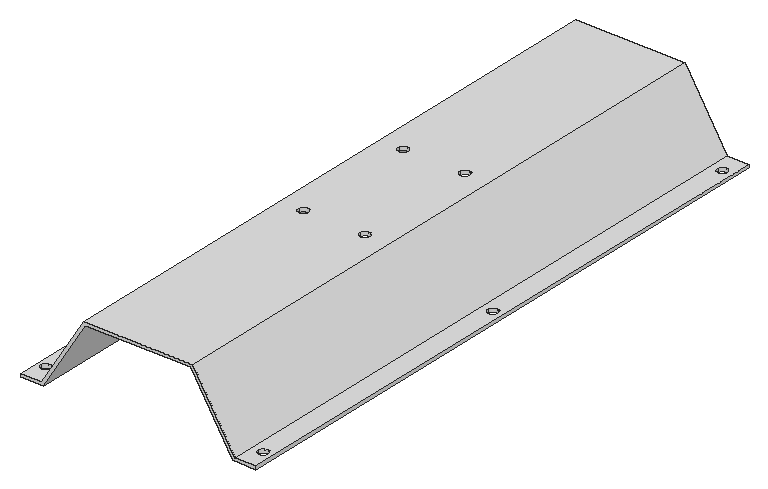
Revit family
Parameters (values of type "383307")
  URL = "www.galvinengineering.com.au"
  Type Comments = "383307"
  StyleOrType_ANZRS = "Fire Hose Reel Accessory"
  ModifiedIssue_ANZRS = 20120808.01  # constant formula
  Model = "383307"
  Manufacturer = "Galvin Engineering"
  Keynote = "10520"
  Instructions = "http://www.galvinengineering.com.au/Installation_Guides_1.aspx"
  FilterObject_ANZRS = "383307"
  DimWidth = 230.0 mm  # constant formula
  DimHeight = 70.0 mm  # constant formula
  DimDepth = 600.0 mm  # constant formula
  Description = "Galvin Fire Hose Reel Channel"
  CreatedBy_ANZRS = "Galvin Engineering"
  CreatedByURL_ANZRS = "www.galvinengineering.com.au"
  CreatedByPhoneNo_ANZRS = "61-8-92495900"
  Assembly Code = "D4030"
Reference planes
  plane 1 "Back": y = 0
  plane 2 "Bottom": z = 0
  plane 3 "Center (Left/Right)": x = 0
  plane 4 "Right": x = 115
  plane 5 "Top": z = 70
  plane 6 "Front": y = -600
  plane 7 "Left": x = -115
Forms (mm)
  Extrusion 1, solid, material "Metal_Fire-Fighting_Metal_Generic_15400"
    sketch origin (0, 0, 0) x (1, 0, 0) y (0, 0, 1)
      loop
        line (53.201, 70) -> (-53.201, 70) -> (-93.901, 3) -> (-115, 3) -> (-115, 0) -> (-92.2, 0) -> (-51.5, 67) -> (51.5, 67) -> (92.2, 0) -> (115, 0) -> (115, 3) -> (93.901, 3) -> (53.201, 70)
    from 0 to 600
  Extrusion 2, void
    sketch origin (0, 0, 0) x (1, 0, 0) y (0, 1, 0)
      loop
        circle (-106, -20) r 5
      loop
        circle (106, -20) r 5
      loop
        circle (-30, -239) r 5
      loop
        circle (30, -239) r 5
      loop
        circle (106, -300) r 5
      loop
        circle (30, -361) r 5
      loop
        circle (-30, -361) r 5
      loop
        circle (-106, -300) r 5
      loop
        circle (-106, -580) r 5
      loop
        circle (106, -580) r 5
    from 0 to 70
Cuts and joins
  Extrusion 2 cuts Extrusion 1
Dimensions and locks
  "DimHeight": plane 5 "Top" to plane 2 "Bottom"
  "DimDepth": plane 6 "Front" to plane 1 "Back"
  "DimWidth": plane 7 "Left" to plane 4 "Right"
  equal spacing: plane 7 "Left", plane 3 "Center (Left/Right)", plane 4 "Right"
  aligned and locked: plane 2 "Bottom" to level
  aligned and locked: Extrusion 1 sketch curve to plane 5 "Top"
  aligned and locked: plane 7 "Left" to Extrusion 1 sketch curve
  aligned and locked: Extrusion 1 sketch curve to plane 4 "Right"
  aligned and locked: Extrusion 1 sketch curve to plane 2 "Bottom"
  aligned and locked: plane 6 "Front" to Extrusion 1
  aligned and locked: Extrusion 1 to plane 1 "Back"
  aligned and locked: Extrusion 2 to plane 5 "Top"
  aligned and locked: Extrusion 2 to plane 2 "Bottom"
Automatic sketch dimensions
  Extrusion 1 sketch curve to level = 0.0 mm
  level to Extrusion 1 sketch curve = 3.0 mm  (x2)
  Extrusion 1 sketch curve to Extrusion 1 sketch curve = 21.099 mm
  Extrusion 1 sketch curve to Extrusion 1 sketch curve = 1.701 mm  (x4)
  Extrusion 1 sketch curve to plane 3 "Center (Left/Right)" = 53.201 mm
  plane 5 "Top" to Extrusion 1 sketch curve = 3.0 mm
  plane 3 "Center (Left/Right)" to Extrusion 1 sketch curve = 51.5 mm
  Extrusion 1 sketch curve to Extrusion 1 sketch curve = 22.8 mm
